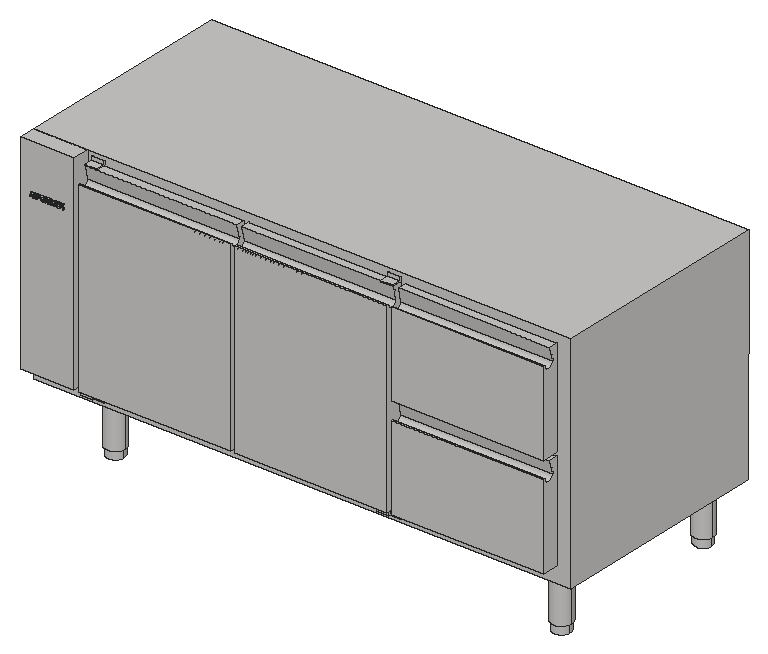
Revit family "QF_ALPENINOX_712636_AJ3R8AAB", category Specialty Equipment, Revit 2018
Family settings
  Round Connector Dimension = Use Diameter
  Part Type = Normal
  Work Plane-Based = No
  Always vertical = Yes
  Cut with Voids When Loaded = No
  Shared = No
  Room Calculation Point = No
Parameters
  Weight = 0.00 kg
  Watts = 2.78709 W
  Volts = 220 V
  URL Manufacturer = "http://www.alpeninox.com"
  URL = "http://www.alpeninox.com"
  Steam Supply Size = 0 mm
  Steam Supply Minimum Pressure = 0.0 Pa
  Steam Supply Maximum Pressure = 0.0 Pa
  Steam Pounds per Hour = 0
  Refrigeration Suction Line Size = 0 mm
  Refrigeration Liquid Line Size = 0 mm
  Refrigerant Compressor Remote = yes
  Manufacturer = "Alpeninox"
  Phase = 1
  Model = "AJ3R8AAB"
  Length Actual = 1557 mm  # constant formula
  Length = 1557 mm
  Item Number = "712636"
  Hot Water Size = 0 mm
  Height Actual = 800 mm  # constant formula
  Height = 650 mm
  HP = "0 HP"
  Gas Size = 0 mm
  Gas KW = 0
  Gas Input Pressure = 0 W
  Depth Actual = 700 mm  # constant formula
  Depth = 695 mm
  Description = "2 DOOR+2x½ DRAWER REF.TABLE -2C REM NO TOP"
  Cycle = 60 Hz
  Condensate Return Size = 0 mm
  Compressed Air Volume = 0.0 L/s
  Compressed Air Size = 0 mm
  Compressed Air Pressure = 0.0 Pa
  Cold Water Size = 0 mm
  Accessory = yes
Reference planes
  plane 1: z = 0
  plane 2 "Center (Left/Right)": x = -124.5
  plane 3 "Center (Front/Back)": y = 64.5
  plane 4 "FEET": z = 150
  plane 5 "TOP": z = 850
  plane 6 "PLAIN": z = 800
  plane 7 "EI_back": y = 359
  plane 8 "EI_left": x = -837
  plane 9 "BACK": y = 412
  plane 10 "FRONT": y = -283
  plane 11 "DOOR": y = -233
  plane 12 "LEFT": x = -903
  plane 13 "RIGHT": x = 654
  plane 14: x = -878
  plane 15: x = 629
  plane 16 "RO_left": x = -863
  plane 17 "RI_left": x = -811
  plane 18 "RO_back": y = 375.5
  plane 19 "RI_back": y = 375.5
  plane 20 "DRAINleft": x = -837
  plane 21 "DRAINback": y = 164
Forms (mm)
  Extrusion 1, solid, material "QF_Finishes_Stainless Steel"
    sketch origin (-1022.223, -1524, 150) x (-1, 0, 0) y (0, -1, 0)
      loop
        circle (-185.223, -1883) r 5
    from 0 to -40
  Extrusion 2, solid, material "QF_Finishes_Stainless Steel"
    sketch origin (-1022.223, -1524, 150) x (-1, 0, 0) y (0, -1, 0)
      loop
        circle (-159.223, -1899.5) r 4.25
    from 0 to -20
  Extrusion 3, solid, material "QF_Finishes_Stainless Steel"
    sketch origin (-1022.223, -1524, 150) x (-1, 0, 0) y (0, -1, 0)
      loop
        circle (-211.223, -1899.5) r 4
    from 0 to -20
  Extrusion 4, solid, material "QF_Finishes_Stainless Steel"
    sketch origin (-1022.223, -1524, 150) x (-1, 0, 0) y (0, -1, 0)
      loop
        circle (-185.223, -1688) r 8.5
    from 0 to -40
  Extrusion 5, solid, material "QF_Finishes_Stainless Steel"
    sketch origin (-1022.223, -1524, 150) x (-1, 0, 0) y (0, -1, 0)
      loop
        line (-119.223, -1936) -> (-119.223, -1291) -> (-1676.223, -1291) -> (-1676.223, -1936) -> (-119.223, -1936)
    from 0 to 650 <- "Height"
Lines and regions (mm)
  symbolic lines, style "SpecialityEquipmentHiddenLines"
    curve 1: line (-903, 412, 150) -> (654, 412, 150)
    curve 2: line (-903, -283, 150) -> (-903, 412, 150)
    curve 3: line (654, -283, 150) -> (-903, -283, 150)
    curve 4: line (654, 412, 150) -> (654, -283, 150)
    curve 5: line (-903, -233, 150) -> (654, -233, 150)
    curve 6: line (629, -233, 150) -> (629, -283, 150)
Dimensions and locks
  plane 4 "FEET" to level = 150 mm
  plane 11 "DOOR" to plane 10 "FRONT" = 50 mm
  "Height": plane 6 "PLAIN" to plane 4 "FEET"
  plane 5 "TOP" to plane 6 "PLAIN" = 50 mm
  plane 12 "LEFT" to plane 14 = 25 mm
  plane 15 to plane 13 "RIGHT" = 25 mm
  plane 9 "BACK" to plane 18 "RO_back" = 36.5 mm
  plane 9 "BACK" to plane 7 "EI_back" = 53 mm
  plane 9 "BACK" to plane 19 "RI_back" = 36.5 mm
  plane 9 "BACK" to plane 21 "DRAINback" = 248 mm
  plane 12 "LEFT" to plane 20 "DRAINleft" = 66 mm
  plane 12 "LEFT" to plane 8 "EI_left" = 66 mm
  plane 12 "LEFT" to plane 17 "RI_left" = 92 mm
  plane 12 "LEFT" to plane 16 "RO_left" = 40 mm
  "Depth": plane 9 "BACK" to plane 10 "FRONT"
  equal spacing: plane 9 "BACK", plane 3 "Center (Front/Back)", plane 10 "FRONT"
  "Length": plane 12 "LEFT" to plane 13 "RIGHT"
  equal spacing: plane 12 "LEFT", plane 2 "Center (Left/Right)", plane 13 "RIGHT"
  aligned and locked: level to plane 1
Automatic sketch dimensions
  Extrusion 1 sketch curve to plane 7 "EI_back" = 0 mm
  Extrusion 1 sketch curve to plane 8 "EI_left" = 0 mm
  Extrusion 2 sketch curve to plane 16 "RO_left" = 0 mm
  Extrusion 2 sketch curve to plane 18 "RO_back" = 0 mm
  Extrusion 3 sketch curve to plane 17 "RI_left" = 0 mm
  Extrusion 3 sketch curve to plane 19 "RI_back" = 0 mm
  Extrusion 4 sketch curve to plane 20 "DRAINleft" = 0 mm
  Extrusion 4 sketch curve to plane 21 "DRAINback" = 0 mm
  Extrusion 5 sketch curve to plane 9 "BACK" = 0 mm
  Extrusion 5 sketch curve to plane 13 "RIGHT" = 0 mm
  Extrusion 5 sketch curve to plane 11 "DOOR" = 0 mm
  Extrusion 5 sketch curve to plane 12 "LEFT" = 0 mm
  curve 1 to plane 13 "RIGHT" = 0 mm
  curve 6 to plane 15 = 0 mm
  curve 5 to plane 11 "DOOR" = 0 mm
  curve 5 to plane 12 "LEFT" = 0 mm
  curve 6 to plane 10 "FRONT" = 0 mm
  curve 1 to plane 9 "BACK" = 0 mm
  radius of Extrusion 1 sketch curve = 5 mm
  radius of Extrusion 2 sketch curve = 4.25 mm
  radius of Extrusion 3 sketch curve = 4 mm
  radius of Extrusion 4 sketch curve = 8.5 mm
Nested families
  nested 1: "Refrigerator" at (654, -283, 0), type "Refrigerator"
  nested 2: "FEET" at (-707, 331, 0), type "FEET"
  nested 3: "FEET" at (588, 331, 0), type "FEET"
  nested 4: "FEET" at (-707, -183, 0), type "FEET"
  nested 5: "FEET" at (588, -183, 0), type "FEET"
  nested 6: "APX_REM_TN_L_650" at (-746.08, -233, 548) x (1, 0, 0) z (0, -1, 0), type "APX_REM_TN_L_650"
    with Show Logo yes
  nested 7: "APX_SD_L_650" at (-513, -233, 458.88) x (1, 0, 0) z (0, -1, 0), type "APX_SD_L_650"
    with Show Clearance yes
  nested 8: "APX_SD_R_650" at (-59, -233, 458.88) x (1, 0, 0) z (0, -1, 0), type "APX_SD_R_650"
    with Show Clearance yes
  nested 9: "APX_HALF_650" at (395, -233, 458.08) x (1, 0, 0) z (0, -1, 0), type "APX_HALF_650"
    with Show Clearance yes
Connectors
  electrical at (-837, 359, 110), driven by "Volts"
    settings: on Extrusion 1, index 1, voltage 220 V, apparent load 0 VA, apparent load phase1 0 VA, apparent load phase2 0 VA, apparent load phase3 0 VA, power factor 1, load classification "Other", number of poles 1, system type 31, power factor state 1, is connector primary yes, connector utility no, sub classification motor no, connector description "Electrical Connection"
  piping at (-863, 375.5, 130), diameter 9.5
    settings: on Extrusion 2, index 3, connector inside diameter 609.6 mm, connector length 0 mm, flow factor 0, pipe flow 0.0 L/s, pressure drop 0.0 Pa, fitting loss kfactor 0, connector angle 0.00°, fixture units 0, engagement length 0 mm, angle of deflection 0.00°, flow configuration 1, flow direction 2, fitting loss method 0, system type 8, joint type 0, gender type 0, connector reference index -1, connector utility 0, adjustable connector no, is connector primary yes, connector description "Refrigerant Outlet"
  piping at (-811, 375.5, 130), diameter 8
    settings: on Extrusion 3, index 4, connector inside diameter 609.6 mm, connector length 0 mm, flow factor 0, pipe flow 0.0 L/s, pressure drop 0.0 Pa, fitting loss kfactor 0, connector angle 0.00°, fixture units 0, engagement length 0 mm, angle of deflection 0.00°, flow configuration 1, flow direction 1, fitting loss method 0, system type 7, joint type 0, gender type 0, connector reference index -1, connector utility 0, adjustable connector no, is connector primary no, connector description "Refrigerant Inlet"
  piping at (-837, 164, 110), diameter 17
    settings: on Extrusion 4, index 5, connector inside diameter 609.6 mm, connector length 0 mm, flow factor 0, pipe flow 0.0 L/s, pressure drop 0.0 Pa, fitting loss kfactor 0, connector angle 0.00°, fixture units 0, engagement length 0 mm, angle of deflection 0.00°, flow configuration 1, flow direction 2, fitting loss method 0, system type 16, joint type 0, gender type 0, connector reference index -1, connector utility 0, adjustable connector no, is connector primary no, connector description "Drain"
Definition of nested family "FEET"
  Parameters
    FEET = 150 mm
  Reference planes
    plane 1 "Center (Front/Back)": y = 0
    plane 2: z = 0
    plane 3 "Center (Left/Right)": x = 0
    plane 4: z = 150
  Forms (mm)
    Revolve 1, solid
      sketch origin (255.05, 0, 608.09) x (0, 0, 1) y (-1, 0, 0)
        loop
          line (-608.09, 255.05) -> (-608.09, 230.05) -> (-583.09, 230.05) -> (-583.09, 226.05) -> (-458.09, 226.05) -> (-458.09, 255.05) -> (-608.09, 255.05)
        axis (-608.09, 255.05) -> (-458.09, 255.05)
      angle from 0 to 360
  Dimensions and locks
    locked: Revolve 1 sketch curve to Revolve 1 sketch curve at 125
    "FEET": plane 4 to plane 2
    aligned and locked: level to plane 2
    aligned and locked: plane 4 to Revolve 1 sketch curve
    aligned and locked: Revolve 1 sketch curve to level
    aligned and locked: plane 3 "Center (Left/Right)" to Revolve 1 sketch curve
  Automatic sketch dimensions
    Revolve 1 sketch curve to plane 3 "Center (Left/Right)" = 0 mm
    Revolve 1 sketch curve to Revolve 1 sketch curve = 25 mm
    Revolve 1 sketch curve to Revolve 1 sketch curve = 29 mm
    plane 4 to Revolve 1 sketch curve = 50 mm
    Revolve 1 sketch curve to Revolve 1 sketch curve = 20 mm
Definition of nested family "APX_REM_TN_L_650"
  Parameters
    Show Logo [instance] = yes
    Default Elevation = 1219.2 mm
  Reference planes
    plane 1 "Centro (Fronte/Retro)": y = -49
    plane 2: z = 0
    plane 3 "Centro (Sinistra/Destra)": x = -78.92
  Forms (mm)
    Extrusion 1, solid
      sketch origin (0, 0, 0) x (1, 0, 0) y (0, 1, 0)
        loop
          line (-1219.2, 1219.2) -> (-1219.2, -1219.2) -> (1219.2, -1219.2) -> (1219.2, 1219.2) -> (-1219.2, 1219.2)
      from 0 to -304.8
    Extrusion 2, solid
      sketch origin (0, 0, 0) x (1, 0, 0) y (0, 1, 0)
        loop
          line (-156.92, 252) -> (-156.92, -350) -> (-0.92, -350) -> (-0.92, 252) -> (-156.92, 252)
      from 0 to 50
    Extrusion 3, solid
      sketch origin (43.141, -49.023, 0) x (1, 0, 0) y (0, 1, 0)
        loop
          line (-168.675, 170.349) -> (-172.411, 160.318)
          arc (-172.411, 160.318) -> (-171.624, 158.497) -> (-169.837, 159.36) r 1.374
          line (-169.837, 159.36) -> (-169.268, 161.111) -> (-164.1, 161.111) -> (-163.54, 159.379)
          arc (-163.54, 159.379) -> (-161.802, 158.542) -> (-161.049, 160.318) r 1.333
          line (-161.049, 160.318) -> (-164.694, 170.349)
          arc (-164.694, 170.349) -> (-166.685, 171.876) -> (-168.675, 170.349) r 2.06
        loop
          line (-166.681, 169.055) -> (-168.469, 163.655) -> (-164.935, 163.655) -> (-166.681, 169.055)
        loop
          arc (-159.705, 160.042) -> (-159.262, 158.973) -> (-158.194, 158.531) r 1.512
          line (-158.194, 158.531) -> (-153.608, 158.531)
          arc (-153.608, 158.531) -> (-152.337, 159.802) -> (-153.608, 161.074) r 1.272
          line (-153.608, 161.074) -> (-156.917, 161.074) -> (-156.917, 170.328)
          arc (-156.917, 170.328) -> (-158.311, 171.722) -> (-159.705, 170.328) r 1.394
          line (-159.705, 170.328) -> (-159.705, 160.042)
        loop
          line (-151.076, 170.218) -> (-151.076, 159.859)
          arc (-151.076, 159.859) -> (-149.683, 158.466) -> (-148.29, 159.859) r 1.393
          line (-148.29, 159.859) -> (-148.29, 162.882) -> (-146.225, 162.882)
          arc (-146.225, 162.882) -> (-142.999, 163.859) -> (-141.608, 166.928) r 4.082
          arc (-141.608, 166.928) -> (-142.993, 170.272) -> (-146.336, 171.657) r 4.728
          line (-146.336, 171.657) -> (-149.638, 171.657)
          arc (-149.638, 171.657) -> (-150.655, 171.235) -> (-151.076, 170.218) r 1.439
        loop
          line (-148.29, 165.313) -> (-146.388, 165.313)
          arc (-146.388, 165.313) -> (-144.433, 167.268) -> (-146.388, 169.222) r 1.955
          line (-146.388, 169.222) -> (-148.29, 169.222) -> (-148.29, 165.313)
        loop
          arc (-131.184, 166.332) -> (-132.004, 168.2) -> (-133.767, 169.228) r 3.3
          arc (-133.767, 169.228) -> (-136.353, 168.661) -> (-137.611, 166.332) r 3.176
          line (-137.611, 166.332) -> (-131.184, 166.332)
        loop
          line (-137.538, 163.743) -> (-130.544, 163.743)
          arc (-130.544, 163.743) -> (-129.292, 163.916) -> (-128.301, 164.701) r 2.4
          arc (-128.301, 164.701) -> (-128.155, 165.545) -> (-128.212, 166.399) r 3.635
          arc (-128.212, 166.399) -> (-130.364, 170.162) -> (-134.39, 171.769) r 6.579
          arc (-134.39, 171.769) -> (-138.918, 169.706) -> (-140.661, 165.044) r 6.501
          arc (-140.661, 165.044) -> (-139.276, 160.789) -> (-135.401, 158.549) r 6.252
          arc (-135.401, 158.549) -> (-132.922, 158.526) -> (-130.544, 159.232) r 8.361
          arc (-130.544, 159.232) -> (-129.466, 159.781) -> (-128.641, 160.666) r 3.486
          arc (-128.641, 160.666) -> (-128.419, 161.592) -> (-128.828, 162.451) r 1.425
          arc (-128.828, 162.451) -> (-129.368, 162.762) -> (-129.99, 162.762) r 1.203
          arc (-129.99, 162.762) -> (-130.406, 162.59) -> (-130.764, 162.316) r 1.724
          arc (-130.764, 162.316) -> (-131.666, 161.705) -> (-132.646, 161.229) r 7.6
          arc (-132.646, 161.229) -> (-135.676, 161.35) -> (-137.538, 163.743) r 3.6
        loop
          line (-126.669, 170.328) -> (-126.669, 159.859)
          arc (-126.669, 159.859) -> (-125.273, 158.463) -> (-123.878, 159.859) r 1.396
          line (-123.878, 159.859) -> (-123.878, 166.785) -> (-117.946, 159.029)
          arc (-117.946, 159.029) -> (-116.361, 158.51) -> (-115.379, 159.859) r 1.417
          line (-115.379, 159.859) -> (-115.379, 170.328)
          arc (-115.379, 170.328) -> (-116.774, 171.723) -> (-118.169, 170.328) r 1.395
          line (-118.169, 170.328) -> (-118.169, 163.311) -> (-124.101, 171.157)
          arc (-124.101, 171.157) -> (-125.687, 171.678) -> (-126.669, 170.328) r 1.418
        loop
          arc (-113.636, 159.859) -> (-112.241, 158.464) -> (-110.847, 159.859) r 1.394
          line (-110.847, 159.859) -> (-110.847, 170.328)
          arc (-110.847, 170.328) -> (-112.241, 171.723) -> (-113.636, 170.328) r 1.394
          line (-113.636, 170.328) -> (-113.636, 159.859)
        loop
          line (-109.102, 170.328) -> (-109.102, 159.859)
          arc (-109.102, 159.859) -> (-107.706, 158.463) -> (-106.31, 159.859) r 1.396
          line (-106.31, 159.859) -> (-106.31, 166.785) -> (-100.378, 159.029)
          arc (-100.378, 159.029) -> (-98.793, 158.51) -> (-97.812, 159.859) r 1.417
          line (-97.812, 159.859) -> (-97.812, 170.328)
          arc (-97.812, 170.328) -> (-99.207, 171.723) -> (-100.602, 170.328) r 1.395
          line (-100.602, 170.328) -> (-100.602, 163.311) -> (-106.533, 171.157)
          arc (-106.533, 171.157) -> (-108.119, 171.678) -> (-109.102, 170.328) r 1.418
        loop
          arc (-96.345, 165.093) -> (-95.619, 161.877) -> (-93.467, 159.379) r 6.806
          arc (-93.467, 159.379) -> (-91.792, 158.566) -> (-89.948, 158.31) r 5.956
          arc (-89.948, 158.31) -> (-88.104, 158.566) -> (-86.43, 159.379) r 5.956
          arc (-86.43, 159.379) -> (-84.277, 161.877) -> (-83.551, 165.093) r 6.806
          arc (-83.551, 165.093) -> (-84.277, 168.31) -> (-86.43, 170.808) r 6.806
          arc (-86.43, 170.808) -> (-88.104, 171.621) -> (-89.948, 171.877) r 5.956
          arc (-89.948, 171.877) -> (-91.792, 171.621) -> (-93.467, 170.808) r 5.956
          arc (-93.467, 170.808) -> (-95.619, 168.31) -> (-96.345, 165.093) r 6.806
        loop
          arc (-93.425, 165.093) -> (-93.138, 163.212) -> (-92.081, 161.629) r 4.387
          arc (-92.081, 161.629) -> (-91.087, 161.049) -> (-89.948, 160.881) r 3.035
          arc (-89.948, 160.881) -> (-88.809, 161.049) -> (-87.815, 161.629) r 3.035
          arc (-87.815, 161.629) -> (-86.759, 163.212) -> (-86.472, 165.093) r 4.387
          arc (-86.472, 165.093) -> (-86.759, 166.975) -> (-87.815, 168.558) r 4.387
          arc (-87.815, 168.558) -> (-88.809, 169.138) -> (-89.948, 169.306) r 3.035
          arc (-89.948, 169.306) -> (-91.087, 169.138) -> (-92.081, 168.558) r 3.035
          arc (-92.081, 168.558) -> (-93.138, 166.975) -> (-93.425, 165.093) r 4.387
        loop
          line (-82.843, 169.609) -> (-79.829, 165.552) -> (-83.513, 160.652)
          arc (-83.513, 160.652) -> (-83.216, 158.692) -> (-81.262, 159.029) r 1.388
          line (-81.262, 159.029) -> (-78.213, 163.232) -> (-75.164, 159.029)
          arc (-75.164, 159.029) -> (-73.211, 158.692) -> (-72.913, 160.652) r 1.388
          line (-72.913, 160.652) -> (-76.597, 165.552) -> (-73.584, 169.609)
          arc (-73.584, 169.609) -> (-73.952, 171.597) -> (-75.908, 171.084) r 1.38
          line (-75.908, 171.084) -> (-78.213, 167.841) -> (-80.519, 171.084)
          arc (-80.519, 171.084) -> (-82.474, 171.597) -> (-82.843, 169.609) r 1.38
      from 50 to 51.6
  Lines and regions (mm)
    Split face 1
      outline origin (0, 0, 50) x (1, 0, 0) y (0, 1, 0)
        loop
          line (-0.92, 188) -> (-156.92, 188)
    Split face 2
      outline origin (0, 0, 50) x (1, 0, 0) y (0, 1, 0)
        loop
          line (-156.92, 178) -> (-0.92, 178)
    Split face 3
      outline origin (0, 0, 50) x (1, 0, 0) y (0, 1, 0)
        loop
          line (-0.92, 104) -> (-156.92, 104)
    Split face 4
      outline origin (0, 0, 50) x (1, 0, 0) y (0, 1, 0)
        loop
          line (-0.92, 94) -> (-156.92, 94)
    Split face 5
      outline origin (0, 0, 50) x (1, 0, 0) y (0, 1, 0)
        loop
          line (-108.92, 163.931) -> (-108.92, 134.412) -> (-48.92, 134.412) -> (-48.92, 163.931) -> (-108.92, 163.931)
    Split face 6
      outline origin (0, 0, 50) x (1, 0, 0) y (0, 1, 0)
        loop
          line (-68.92, 160.931) -> (-68.92, 137.412) -> (-51.92, 137.412) -> (-51.92, 160.931) -> (-68.92, 160.931)
    symbolic lines
      curve 1: line (-2, -49, 50) -> (-2, -49, 0)
  Dimensions and locks
    equal spacing: Extrusion 2, plane 3 "Centro (Sinistra/Destra)", Extrusion 2
    equal spacing: Extrusion 2, plane 1 "Centro (Fronte/Retro)", Extrusion 2
    Extrusion 2 to Extrusion 2 = 156 mm
    aligned and locked: plane 2 to Extrusion 1
    aligned and locked: level to Extrusion 1
  Automatic sketch dimensions
    curve 1 to level = 0 mm
    plane 3 "Centro (Sinistra/Destra)" to curve 1 = 76.92 mm
    curve 1 to curve 1 = 50 mm
    Extrusion 1 sketch curve to Extrusion 1 sketch curve = 2438.4 mm  (x2)
    Extrusion 2 sketch curve to plane 3 "Centro (Sinistra/Destra)" = 78 mm
    plane 3 "Centro (Sinistra/Destra)" to Extrusion 2 sketch curve = 78 mm
    plane 1 "Centro (Fronte/Retro)" to Extrusion 2 sketch curve = 301 mm
    Extrusion 2 sketch curve to plane 1 "Centro (Fronte/Retro)" = 301 mm
    Extrusion 3 sketch curve to plane 3 "Centro (Sinistra/Destra)" = 50.35 mm
    Extrusion 3 sketch curve to Extrusion 3 sketch curve = 1.266 mm
    Extrusion 3 sketch curve to Extrusion 3 sketch curve = 1.307 mm
    Extrusion 3 sketch curve to Extrusion 3 sketch curve = 0.57 mm
    Extrusion 3 sketch curve to Extrusion 3 sketch curve = 0.593 mm
    Extrusion 3 sketch curve to Extrusion 3 sketch curve = 0.799 mm
    Extrusion 3 sketch curve to Extrusion 3 sketch curve = 1.99 mm  (x2)
    Extrusion 3 sketch curve to Extrusion 3 sketch curve = 0.003 mm
    Extrusion 3 sketch curve to Extrusion 3 sketch curve = 3.534 mm
    Extrusion 3 sketch curve to Extrusion 3 sketch curve = 0.835 mm
    Extrusion 3 sketch curve to Extrusion 3 sketch curve = 0.56 mm
    Extrusion 3 sketch curve to Extrusion 3 sketch curve = 1.268 mm
    Extrusion 3 sketch curve to Extrusion 3 sketch curve = 1.223 mm
    Extrusion 3 sketch curve to Extrusion 3 sketch curve = 1.344 mm
    Extrusion 3 sketch curve to Extrusion 3 sketch curve = 1.394 mm  (x2)
    Extrusion 3 sketch curve to Extrusion 3 sketch curve = 1.512 mm
    Extrusion 3 sketch curve to Extrusion 3 sketch curve = 3.309 mm
    Extrusion 3 sketch curve to Extrusion 3 sketch curve = 5.841 mm
    Extrusion 3 sketch curve to Extrusion 3 sketch curve = 1.393 mm
    Extrusion 3 sketch curve to Extrusion 3 sketch curve = 1.439 mm
    Extrusion 3 sketch curve to Extrusion 3 sketch curve = 0 mm  (x19)
    Extrusion 3 sketch curve to Extrusion 3 sketch curve = 1.902 mm
    Extrusion 3 sketch curve to Extrusion 3 sketch curve = 0.052 mm
    Extrusion 3 sketch curve to Extrusion 3 sketch curve = 2.065 mm
    Extrusion 3 sketch curve to Extrusion 3 sketch curve = 0.647 mm
    Extrusion 3 sketch curve to Extrusion 3 sketch curve = 8.079 mm
    Extrusion 3 sketch curve to Extrusion 3 sketch curve = 0.073 mm
    Extrusion 3 sketch curve to Extrusion 3 sketch curve = 2.145 mm
    Extrusion 3 sketch curve to Extrusion 3 sketch curve = 2.931 mm
    Extrusion 3 sketch curve to Extrusion 3 sketch curve = 0.213 mm
    Extrusion 3 sketch curve to Extrusion 3 sketch curve = 0.026 mm
    Extrusion 3 sketch curve to Extrusion 3 sketch curve = 0.263 mm
    Extrusion 3 sketch curve to Extrusion 3 sketch curve = 0.516 mm
    Extrusion 3 sketch curve to Extrusion 3 sketch curve = 0.356 mm
    Extrusion 3 sketch curve to Extrusion 3 sketch curve = 0.387 mm
    Extrusion 3 sketch curve to Extrusion 3 sketch curve = 2.378 mm
    Extrusion 3 sketch curve to Extrusion 3 sketch curve = 2.466 mm
    Extrusion 3 sketch curve to Extrusion 3 sketch curve = 0.602 mm
    Extrusion 3 sketch curve to Extrusion 3 sketch curve = 1.02 mm
    Extrusion 3 sketch curve to Extrusion 3 sketch curve = 0.949 mm
    Extrusion 3 sketch curve to Extrusion 3 sketch curve = 1.728 mm
    Extrusion 3 sketch curve to Extrusion 3 sketch curve = 0.157 mm  (x2)
    Extrusion 3 sketch curve to Extrusion 3 sketch curve = 0.292 mm
    Extrusion 3 sketch curve to plane 3 "Centro (Sinistra/Destra)" = 4.608 mm
    Extrusion 3 sketch curve to Extrusion 3 sketch curve = 1.396 mm  (x2)
    Extrusion 3 sketch curve to Extrusion 3 sketch curve = 1.418 mm  (x2)
    Extrusion 3 sketch curve to Extrusion 3 sketch curve = 1.151 mm  (x2)
    plane 3 "Centro (Sinistra/Destra)" to Extrusion 3 sketch curve = 3.891 mm
    plane 3 "Centro (Sinistra/Destra)" to Extrusion 3 sketch curve = 4.115 mm
    Extrusion 3 sketch curve to Extrusion 3 sketch curve = 1.149 mm  (x2)
    Extrusion 3 sketch curve to Extrusion 3 sketch curve = 1.395 mm  (x2)
    Extrusion 3 sketch curve to Extrusion 3 sketch curve = 1.744 mm
    Extrusion 3 sketch curve to Extrusion 3 sketch curve = 1.745 mm
    Extrusion 3 sketch curve to Extrusion 3 sketch curve = 5.709 mm
    Extrusion 3 sketch curve to Extrusion 3 sketch curve = 0.224 mm
    Extrusion 3 sketch curve to Extrusion 3 sketch curve = 6.963 mm
    Extrusion 3 sketch curve to Extrusion 3 sketch curve = 0.493 mm  (x3)
    Extrusion 3 sketch curve to Extrusion 3 sketch curve = 0.273 mm  (x2)
    Extrusion 3 sketch curve to Extrusion 3 sketch curve = 0.021 mm  (x2)
    Extrusion 3 sketch curve to Extrusion 3 sketch curve = 0.226 mm  (x2)
    Extrusion 3 sketch curve to Extrusion 3 sketch curve = 0.268 mm  (x2)
    Extrusion 3 sketch curve to Extrusion 3 sketch curve = 0.294 mm
    Extrusion 3 sketch curve to Extrusion 3 sketch curve = 5.534 mm
    Extrusion 3 sketch curve to Extrusion 3 sketch curve = 6.205 mm
    Extrusion 3 sketch curve to Extrusion 3 sketch curve = 1.109 mm  (x2)
    Extrusion 3 sketch curve to Extrusion 3 sketch curve = 1.108 mm  (x2)
    Extrusion 3 sketch curve to Extrusion 3 sketch curve = 1.142 mm  (x2)
    Extrusion 3 sketch curve to Extrusion 3 sketch curve = 1.216 mm  (x2)
    Extrusion 3 sketch curve to Extrusion 3 sketch curve = 3.013 mm
    Extrusion 3 sketch curve to Extrusion 3 sketch curve = 1.616 mm  (x3)
    Extrusion 3 sketch curve to Extrusion 3 sketch curve = 2.305 mm
    Extrusion 3 sketch curve to Extrusion 3 sketch curve = 3.049 mm
    Extrusion 3 sketch curve to plane 1 "Centro (Fronte/Retro)" = 158.508 mm
    Extrusion 3 sketch curve to Extrusion 3 sketch curve = 0.498 mm
    Extrusion 3 sketch curve to Extrusion 3 sketch curve = 0.682 mm
    Extrusion 3 sketch curve to Extrusion 3 sketch curve = 0.664 mm
    Extrusion 3 sketch curve to Extrusion 3 sketch curve = 0.425 mm
    Extrusion 3 sketch curve to Extrusion 3 sketch curve = 0.41 mm
    Extrusion 3 sketch curve to Extrusion 3 sketch curve = 1.272 mm
    Extrusion 3 sketch curve to Extrusion 3 sketch curve = 0.789 mm  (x2)
    Extrusion 3 sketch curve to Extrusion 3 sketch curve = 0.056 mm
    Extrusion 3 sketch curve to Extrusion 3 sketch curve = 0.83 mm
    Extrusion 3 sketch curve to Extrusion 3 sketch curve = 1.238 mm
    Extrusion 3 sketch curve to Extrusion 3 sketch curve = 1.732 mm
    Extrusion 3 sketch curve to Extrusion 3 sketch curve = 0.346 mm
    Extrusion 3 sketch curve to Extrusion 3 sketch curve = 1.123 mm
    Extrusion 3 sketch curve to Extrusion 3 sketch curve = 3.023 mm
    Extrusion 3 sketch curve to Extrusion 3 sketch curve = 4.203 mm
    Extrusion 3 sketch curve to Extrusion 3 sketch curve = 3.452 mm  (x2)
    Extrusion 3 sketch curve to Extrusion 3 sketch curve = 2.544 mm
    Extrusion 3 sketch curve to Extrusion 3 sketch curve = 1.177 mm
    Extrusion 3 sketch curve to Extrusion 3 sketch curve = 3.261 mm
    Extrusion 3 sketch curve to Extrusion 3 sketch curve = 0.352 mm  (x2)
    Extrusion 3 sketch curve to Extrusion 3 sketch curve = 1.987 mm
    Extrusion 3 sketch curve to Extrusion 3 sketch curve = 0.171 mm
    Extrusion 3 sketch curve to Extrusion 3 sketch curve = 0.533 mm  (x3)
    Extrusion 3 sketch curve to Extrusion 3 sketch curve = 0.14 mm  (x4)
    Extrusion 3 sketch curve to Extrusion 3 sketch curve = 0.473 mm
    Extrusion 3 sketch curve to Extrusion 3 sketch curve = 0.31 mm  (x2)
    Extrusion 3 sketch curve to Extrusion 3 sketch curve = 0.075 mm
    Extrusion 3 sketch curve to Extrusion 3 sketch curve = 2.431 mm
    Extrusion 3 sketch curve to Extrusion 3 sketch curve = 2.32 mm  (x2)
    Extrusion 3 sketch curve to Extrusion 3 sketch curve = 1.992 mm
    Extrusion 3 sketch curve to Extrusion 3 sketch curve = 0.674 mm
    Extrusion 3 sketch curve to Extrusion 3 sketch curve = 0.732 mm
    Extrusion 3 sketch curve to Extrusion 3 sketch curve = 0.388 mm
    Extrusion 3 sketch curve to Extrusion 3 sketch curve = 0.121 mm
    Extrusion 3 sketch curve to Extrusion 3 sketch curve = 2.589 mm
    Extrusion 3 sketch curve to Extrusion 3 sketch curve = 0.662 mm
    Extrusion 3 sketch curve to Extrusion 3 sketch curve = 3.473 mm
    Extrusion 3 sketch curve to Extrusion 3 sketch curve = 0.681 mm
    Extrusion 3 sketch curve to Extrusion 3 sketch curve = 1.615 mm
    Extrusion 3 sketch curve to Extrusion 3 sketch curve = 0.34 mm
    Extrusion 3 sketch curve to Extrusion 3 sketch curve = 2.288 mm
    Extrusion 3 sketch curve to Extrusion 3 sketch curve = 0.942 mm
    Extrusion 3 sketch curve to Extrusion 3 sketch curve = 5.4 mm
    Extrusion 3 sketch curve to Extrusion 3 sketch curve = 1.768 mm  (x2)
    Extrusion 3 sketch curve to Extrusion 3 sketch curve = 0.761 mm
    Extrusion 3 sketch curve to Extrusion 3 sketch curve = 0.996 mm
    Extrusion 3 sketch curve to Extrusion 3 sketch curve = 3.543 mm  (x2)
    Extrusion 3 sketch curve to Extrusion 3 sketch curve = 7.017 mm
    Extrusion 3 sketch curve to Extrusion 3 sketch curve = 0.11 mm
    Extrusion 3 sketch curve to Extrusion 3 sketch curve = 0.823 mm  (x2)
    Extrusion 3 sketch curve to Extrusion 3 sketch curve = 0.947 mm
    Extrusion 3 sketch curve to Extrusion 3 sketch curve = 3.837 mm
    Extrusion 3 sketch curve to Extrusion 3 sketch curve = 0.623 mm
    Extrusion 3 sketch curve to Extrusion 3 sketch curve = 1.082 mm
    Extrusion 3 sketch curve to Extrusion 3 sketch curve = 0.801 mm
    Extrusion 3 sketch curve to Extrusion 3 sketch curve = 1 mm
    Extrusion 3 sketch curve to Extrusion 3 sketch curve = 0.089 mm
    Extrusion 3 sketch curve to Extrusion 3 sketch curve = 4.257 mm
    Extrusion 3 sketch curve to Extrusion 3 sketch curve = 4.345 mm  (x2)
    Extrusion 3 sketch curve to Extrusion 3 sketch curve = 2.576 mm
    Extrusion 3 sketch curve to Extrusion 3 sketch curve = 1.385 mm  (x4)
    Extrusion 3 sketch curve to Extrusion 3 sketch curve = 2.133 mm  (x4)
    Extrusion 3 sketch curve to Extrusion 3 sketch curve = 3.518 mm
    Extrusion 3 sketch curve to Extrusion 3 sketch curve = 5.603 mm
    Extrusion 3 sketch curve to Extrusion 3 sketch curve = 2.571 mm
    Split face 1 sketch curve to Extrusion 2 = 0 mm  (x2)
    Split face 1 sketch curve to Extrusion 2 = 64 mm
    Split face 2 sketch curve to Extrusion 2 = 0 mm
    Split face 2 sketch curve to Extrusion 2 = 74 mm
    Extrusion 2 to Split face 2 sketch curve = 0 mm
    Split face 3 sketch curve to Extrusion 2 = 0 mm  (x2)
    Split face 3 sketch curve to Extrusion 2 = 148 mm
    Split face 4 sketch curve to Extrusion 2 = 0 mm  (x2)
    Split face 4 sketch curve to Extrusion 2 = 158 mm
    Split face 5 sketch curve to Extrusion 2 = 48 mm  (x2)
    Split face 5 sketch curve to Extrusion 2 = 117.588 mm
    Split face 5 sketch curve to Split face 5 sketch curve = 29.518 mm
    Split face 6 sketch curve to Extrusion 2 = 68 mm
    Split face 6 sketch curve to Split face 6 sketch curve = 17 mm
    Split face 6 sketch curve to Extrusion 2 = 114.588 mm
    Split face 6 sketch curve to Split face 6 sketch curve = 23.518 mm
Definition of nested family "APX_SD_L_650"
  Parameters
    Show Clearance [instance] = yes
    Default Elevation = 1219.2 mm
  Reference planes
    plane 1 "Center (Front/Back)": y = 28.12
    plane 2: z = 0
    plane 3 "Center (Left/Right)": x = 0
    plane 4: x = -234
    plane 5: x = 234
  Forms (mm)
    Extrusion 1, solid
      sketch origin (0, 0, 0) x (1, 0, 0) y (0, 1, 0)
        loop
          line (-1219.2, 1219.2) -> (-1219.2, -1219.2) -> (1219.2, -1219.2) -> (1219.2, 1219.2) -> (-1219.2, 1219.2)
      from 0 to -304.8
    Extrusion 2, solid
      sketch origin (0, 53.12, -3) x (0, 1, 0) y (0, 0, 1)
        loop
          line (-314, 53) -> (-314, 3) -> (264, 3) -> (264, 29) -> (224.395, 20)
          arc (224.395, 20) -> (210.396, 33.803) -> (224, 47.994) r 14
          line (224, 47.994) -> (224, 53) -> (-314, 53)
      from -220 to 220
    Extrusion 3, solid
      sketch origin (0, 53.12, 0) x (0, 1, 0) y (0, 0, -1)
        loop
          line (-323.003, -40.312) -> (-323.003, -12.259) -> (-323.003, 0) -> (-351.511, 0) -> (-351.511, -2.5) -> (-325.503, -2.5) -> (-325.503, -42.812) -> (-316.501, -42.812) -> (-316.501, -40.312) -> (-323.003, -40.312)
        loop
          line (-314, -38.311) -> (-314, -11.804) -> (-319.752, -11.804) -> (-319.752, -14.304) -> (-316.501, -14.304) -> (-316.501, -38.311) -> (-314, -38.311)
        loop
          line (265.003, -27.948) -> (267.503, -27.948) -> (267.503, -2.5) -> (277.503, -2.5) -> (277.503, 0) -> (265.003, 0) -> (265.003, -2.948) -> (265.003, -27.948)
      from 185 to 220
    Extrusion 4, solid, visible <- "Show Clearance", detail levels coarse
      sketch origin (0, 28.12, -3) x (-1, 0, 0) y (0, 0, -1)
        loop
          line (220, -53) -> (-220, -53)
          arc (-220, -53) -> (-79.636, -340.04) -> (220, -451) r 430
          line (220, -451) -> (220, -53)
      from -289 to 289
  Lines and regions (mm)
    symbolic lines
      curve 1: arc (219.599, 0, 55) -> (95.934, 0, 321.503) -> (-170, 0, 446.39) r 430
      curve 2: line (-220, 0, 55) -> (-220, 0, 448)
      curve 3: line (-170, 0, 55) -> (-170, 0, 448)
      curve 4: line (-220, 0, 448) -> (-170, 0, 448)
  Dimensions and locks
    plane 4 to plane 3 "Center (Left/Right)" to plane 5 = 234 mm locked, 234 mm locked
    aligned and locked: plane 2 to Extrusion 1
    aligned and locked: level to Extrusion 1
Definition of nested family "APX_SD_R_650"
  Parameters
    Show Clearance [instance] = yes
    Default Elevation = 1219.2 mm
  Reference planes
    plane 1 "Center (Front/Back)": y = 28.12
    plane 2: z = 0
    plane 3 "Center (Left/Right)": x = 0
    plane 4: x = -234
    plane 5: x = 234
  Forms (mm)
    Extrusion 1, solid
      sketch origin (0, 0, 0) x (1, 0, 0) y (0, 1, 0)
        loop
          line (-1219.2, 1219.2) -> (-1219.2, -1219.2) -> (1219.2, -1219.2) -> (1219.2, 1219.2) -> (-1219.2, 1219.2)
      from 0 to -304.8
    Extrusion 2, solid
      sketch origin (0, 53.12, -3) x (0, 1, 0) y (0, 0, 1)
        loop
          line (-314, 53) -> (-314, 3) -> (264, 3) -> (264, 29) -> (224.395, 20)
          arc (224.395, 20) -> (210.396, 33.803) -> (224, 47.994) r 14
          line (224, 47.994) -> (224, 53) -> (-314, 53)
      from -220 to 220
    Extrusion 3, solid, visible <- "Show Clearance", detail levels coarse
      sketch origin (0, 28.12, -3) x (-1, 0, 0) y (0, 0, -1)
        loop
          line (220, -53) -> (-220, -53) -> (-220, -451)
          arc (-220, -451) -> (79.636, -340.04) -> (220, -53) r 430
      from -289 to 289
    Extrusion 4, solid
      sketch origin (0, 53.12, 0) x (0, 1, 0) y (0, 0, 1)
        loop
          line (-323.003, 40.312) -> (-316.501, 40.312) -> (-316.501, 42.812) -> (-325.503, 42.812) -> (-325.503, 2.5) -> (-351.511, 2.5) -> (-351.511, 0) -> (-323.003, 0) -> (-323.003, 12.259) -> (-323.003, 40.312)
        loop
          line (-314, 38.311) -> (-316.501, 38.311) -> (-316.501, 14.304) -> (-319.752, 14.304) -> (-319.752, 11.804) -> (-314, 11.804) -> (-314, 38.311)
        loop
          line (265.003, 27.948) -> (265.003, 2.948) -> (265.003, 0) -> (277.503, 0) -> (277.503, 2.5) -> (267.503, 2.5) -> (267.503, 27.948) -> (265.003, 27.948)
      from 185 to 220
  Lines and regions (mm)
    symbolic lines
      curve 1: arc (-219.599, 0, 54.79) -> (-95.934, 0, 321.293) -> (170, 0, 446.179) r 430
      curve 2: line (220, 0, 54.79) -> (220, 0, 447.79)
      curve 3: line (170, 0, 54.79) -> (170, 0, 447.79)
      curve 4: line (220, 0, 447.79) -> (170, 0, 447.79)
  Dimensions and locks
    plane 4 to plane 3 "Center (Left/Right)" to plane 5 = 234 mm locked, 234 mm locked
    aligned and locked: plane 2 to Extrusion 1
    aligned and locked: level to Extrusion 1
Definition of nested family "APX_HALF_650"
  Parameters
    Show Clearance [instance] = yes
    Default Elevation = 1219.2 mm
  Reference planes
    plane 1 "Center (Front/Back)": y = 28.92
    plane 2: z = 0
    plane 3 "Center (Left/Right)": x = 0
    plane 4: x = -234
    plane 5: x = 234
    plane 6: z = 618
  Forms (mm)
    Extrusion 1, solid
      sketch origin (0, 0, 0) x (1, 0, 0) y (0, 1, 0)
        loop
          line (-1219.2, 1219.2) -> (-1219.2, -1219.2) -> (1219.2, -1219.2) -> (1219.2, 1219.2) -> (-1219.2, 1219.2)
      from 0 to -304.8
    Extrusion 2, solid
      sketch origin (0, 0, 0) x (0, 1, 0) y (0, 0, 1)
        loop
          line (317.92, 0) -> (317.92, 26) -> (278.314, 17)
          arc (278.314, 17) -> (264.314, 31) -> (278.314, 45) r 14
          line (278.314, 45) -> (278.314, 50) -> (33.92, 50) -> (33.92, 0) -> (317.92, 0)
        loop
          line (23.92, 0) -> (23.92, 26) -> (-15.686, 17)
          arc (-15.686, 17) -> (-29.686, 31) -> (-15.686, 45) r 14
          line (-15.686, 45) -> (-15.686, 50) -> (-260.08, 50) -> (-260.08, 0) -> (23.92, 0)
      from -220 to 220
    Extrusion 3, solid, visible <- "Show Clearance", detail levels coarse
      sketch origin (0, 0, 512) x (0, 1, 0) y (0, 0, 1)
        loop
          line (-260.08, 106) -> (-260.08, -462) -> (23.92, -462) -> (23.92, 82) -> (-15.686, 73)
          arc (-15.686, 73) -> (-29.686, 87) -> (-15.686, 101) r 14
          line (-15.686, 101) -> (-15.686, 106) -> (-260.08, 106)
        loop
          line (317.92, -462) -> (317.92, 82) -> (278.314, 73)
          arc (278.314, 73) -> (264.314, 87) -> (278.314, 101) r 14
          line (278.314, 101) -> (278.314, 106) -> (33.92, 106) -> (33.92, -462) -> (317.92, -462)
      from -220 to 220
  Lines and regions (mm)
    symbolic lines
      curve 1: line (220, 0, 140) -> (-220, 0, 140)
      curve 2: line (220, 0, 175) -> (-220, 0, 175)
      curve 3: line (220, 0, 260) -> (-220, 0, 260)
      curve 4: line (220, 0, 295) -> (-220, 0, 295)
      curve 5: line (191.424, 0, 140) -> (191.424, 0, 55)
      curve 6: line (-190, 0, 140) -> (-190, 0, 55)
      curve 7: line (191.424, 0, 260) -> (191.424, 0, 175)
      curve 8: line (-190, 0, 260) -> (-190, 0, 175)
      curve 9: line (220, 0, 260) -> (220, 0, 295)
      curve 10: line (-220, 0, 260) -> (-220, 0, 295)
      curve 11: line (220, 0, 140) -> (220, 0, 175)
      curve 12: line (-220, 0, 140) -> (-220, 0, 175)
  Dimensions and locks
    plane 4 to plane 3 "Center (Left/Right)" to plane 5 = 234 mm locked, 234 mm locked
    plane 6 to level = 618 mm
    aligned and locked: plane 2 to Extrusion 1
    aligned and locked: level to Extrusion 1
Definition of nested family "Refrigerator"
  Reference planes
    plane 1 "Center (Front/Back)": y = 0
    plane 2: z = 0
    plane 3 "Center (Left/Right)": x = 0
  Lines and regions (mm)
    detail lines, in view "Ref. Level"
      curve 1: spline (-500, 190, 0) -> (-493.185, 166.706, 0) -> (-473.205, 145, 0) -> (-441.421, 126.36, 0) -> (-400, 112.058, 0) -> (-351.764, 103.067, 0) -> (-300, 100, 0) -> (-248.236, 103.067, 0) -> (-200, 112.058, 0) -> (-158.579, 126.36, 0) -> (-126.795, 145, 0) -> (-106.815, 166.706, 0) -> (-100, 190, 0) -> (-106.815, 213.294, 0) -> (-126.795, 235, 0) -> (-158.579, 253.64, 0) -> (-200, 267.942, 0) -> (-248.236, 276.933, 0) -> (-300, 280, 0) -> (-351.764, 276.933, 0) -> (-400, 267.942, 0) -> (-441.421, 253.64, 0) -> (-473.205, 235, 0) -> (-493.185, 213.294, 0) -> (-500, 190, 0)
      curve 2: line (-300, 130, 0) -> (-300, 250, 0)
      curve 3: line (-351.962, 220, 0) -> (-248.038, 160, 0)
      curve 4: line (-351.962, 160, 0) -> (-248.038, 220, 0)
      curve 5: line (-280.884, 246.873, 0) -> (-300, 225, 0)
      curve 6: line (-300, 225, 0) -> (-319.116, 246.873, 0)
      curve 7: line (-330.311, 207.5, 0) -> (-339.696, 234.992, 0)
      curve 8: line (-358.812, 201.882, 0) -> (-330.311, 207.5, 0)
      curve 9: line (-330.311, 172.5, 0) -> (-358.812, 178.118, 0)
      curve 10: line (-339.696, 145.008, 0) -> (-330.311, 172.5, 0)
      curve 11: line (-300, 155, 0) -> (-319.116, 133.127, 0)
      curve 12: line (-280.884, 133.127, 0) -> (-300, 155, 0)
      curve 13: line (-269.689, 172.5, 0) -> (-260.304, 145.008, 0)
      curve 14: line (-241.188, 178.118, 0) -> (-269.689, 172.5, 0)
      curve 15: line (-269.689, 207.5, 0) -> (-241.188, 201.882, 0)
      curve 16: line (-260.304, 234.992, 0) -> (-269.689, 207.5, 0)
